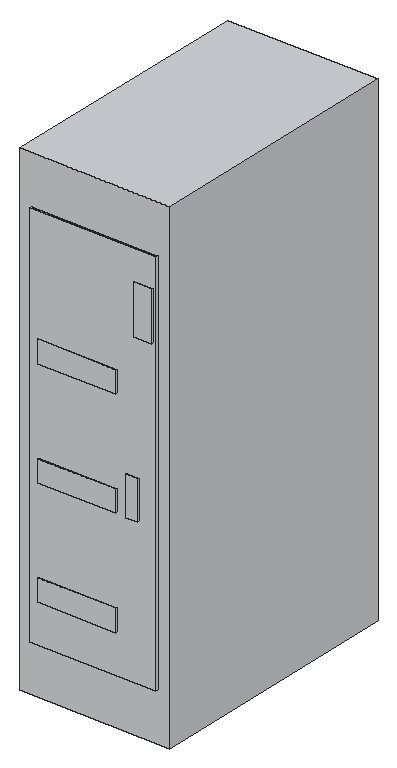
Revit family "GIS_MV_Cubicle", category Equipamento elétrico, Revit 2027
Family settings
  Configuração do painel = Duas colunas, circuitos transversais
  Cota do conector redondo = Utilizar diâmetro
  Tipo de parte = Painel de controle
  Com base no plano de trabalho = Não
  Sempre na vertical = Sim
  Corte com vazios quando carregada = Não
  Manter orientação da anotação = Não
  Compartilhado = Não
  Ponto de cálculo do ambiente = Não
Parameters (values of type "MV_17K5_2KA_STUDY")
  Default Elevation = 0 mm
  built-in parameter 1140142 [instance] = (empty or 0)
  built-in parameter 1140140 [instance] = 1 (stored number, unit not read)
  BIM_TensaoSecundaria_kV = 0
  BIM_TensaoNominal_kV = 13.8
  BIM_TensaoClasse_kV = 17.5
  BIM_TensaoClasseSecundaria_kV = 0
  BIM_Sistema_Elemento [instance] = ""
  BIM_ReferenciaCatalogo = "ABB UniGear ZS1 17.5 kV product-line table: width 800 mm, depth 1390 mm, height 2200/2595 mm depending LV compartment; selected assembly and rating pending"
  BIM_Profundidade = 1390 mm
  BIM_Potencia_MVA = 0
  BIM_Localizacao [instance] = ""
  BIM_Largura = 800 mm
  BIM_Impedancia_pu = 0
  BIM_FonteGeometria = "ABB UniGear ZS1 17.5 kV product-line table: width 800 mm, depth 1390 mm, height 2200/2595 mm depending LV compartment; selected assembly and rating pending"
  BIM_Fabricante = "NAO SELECIONADO"
  BIM_EstadoGeometria = "REFERENCE_DIMENSIONS_APPROXIMATE"
  BIM_EstadoEspecificacao = "PREMISSA / NAO SELECIONADO"
  BIM_DescricaoEstudo = "Envelope externo de referência UniGear ZS1; sem miolo comercial, ratings ou desenho do conjunto pedido."
  BIM_CorrenteReferenciaSecundaria_A = 0
  BIM_CorrenteNominal_A = 2000
  BIM_Bay [instance] = ""
  BIM_AlturaCorpoPrincipal = 2595 mm
  BIM_Altura = 2595 mm
  built-in parameter 1155100 [instance] = (empty or 0)
Reference planes
  plane 1 "Centro (Frente/Trás)": y = 0
  plane 2: z = 0
  plane 3 "Centro (Esquerda/Direita)": x = 0
  plane 4 "BIM Left": x = -400
  plane 5 "BIM Right": x = 400
  plane 6 "BIM Front": y = -695
  plane 7 "BIM Back": y = 695
Forms (mm)
  Extrusion 1, solid
    sketch origin (0, 0, 0) x (1, 0, 0) y (0, 1, 0)
      loop
        line (-400, -695) -> (400, -695) -> (400, 695) -> (-400, 695) -> (-400, -695)
    from 0 to 2595 <- "BIM_AlturaCorpoPrincipal"
  Extrusion 2, solid
    sketch origin (0, 0, 259.5) x (1, 0, 0) y (0, 1, 0)
      loop
        line (-336, -708.716) -> (336, -708.716) -> (336, -695) -> (-336, -695) -> (-336, -708.716)
    from 0 to 2076
  Extrusion 3, solid
    sketch origin (0, 0, 467.1) x (1, 0, 0) y (0, 1, 0)
      loop
        line (-288, -713.288) -> (128, -713.288) -> (128, -695) -> (-288, -695) -> (-288, -713.288)
    from 0 to 116.775
  Extrusion 4, solid
    sketch origin (0, 0, 1038) x (1, 0, 0) y (0, 1, 0)
      loop
        line (-288, -713.288) -> (128, -713.288) -> (128, -695) -> (-288, -695) -> (-288, -713.288)
    from 0 to 116.775
  Extrusion 5, solid
    sketch origin (0, 0, 1608.9) x (1, 0, 0) y (0, 1, 0)
      loop
        line (-288, -713.288) -> (128, -713.288) -> (128, -695) -> (-288, -695) -> (-288, -713.288)
    from 0 to 116.775
  Extrusion 6, solid
    sketch origin (0, 0, 1038) x (1, 0, 0) y (0, 1, 0)
      loop
        line (184, -714.812) -> (248, -714.812) -> (248, -695) -> (184, -695) -> (184, -714.812)
    from 0 to 207.6
  Extrusion 7, solid
    sketch origin (0, 0, 1920.3) x (1, 0, 0) y (0, 1, 0)
      loop
        line (224, -716.336) -> (320, -716.336) -> (320, -695) -> (224, -695) -> (224, -716.336)
    from 0 to 259.5
Dimensions and locks
  "BIM_Largura": plane 4 "BIM Left" to plane 5 "BIM Right"
  "BIM_Profundidade": plane 6 "BIM Front" to plane 7 "BIM Back"
  aligned and locked: level to plane 2
  aligned and locked: plane 4 "BIM Left" to Extrusion 1
  aligned and locked: Extrusion 1 to plane 5 "BIM Right"
  aligned and locked: Extrusion 1 to plane 6 "BIM Front"
  aligned and locked: plane 7 "BIM Back" to Extrusion 1
Automatic sketch dimensions
  Extrusion 1 sketch curve to plane 4 "BIM Left" = 0 mm
  Extrusion 1 sketch curve to plane 5 "BIM Right" = 0 mm
  Extrusion 1 sketch curve to plane 6 "BIM Front" = 0 mm
  Extrusion 1 sketch curve to plane 7 "BIM Back" = 0 mm
  Extrusion 2 sketch curve to plane 6 "BIM Front" = 0 mm
  Extrusion 2 sketch curve to plane 6 "BIM Front" = 13.716 mm
  Extrusion 2 sketch curve to plane 4 "BIM Left" = 64 mm
  plane 5 "BIM Right" to Extrusion 2 sketch curve = 64 mm
  Extrusion 3 sketch curve to plane 6 "BIM Front" = 0 mm
  Extrusion 3 sketch curve to plane 6 "BIM Front" = 18.288 mm
  Extrusion 3 sketch curve to plane 4 "BIM Left" = 112 mm
  plane 3 "Centro (Esquerda/Direita)" to Extrusion 3 sketch curve = 128 mm
  Extrusion 4 sketch curve to plane 6 "BIM Front" = 0 mm
  Extrusion 4 sketch curve to plane 6 "BIM Front" = 18.288 mm
  Extrusion 4 sketch curve to plane 4 "BIM Left" = 112 mm
  plane 3 "Centro (Esquerda/Direita)" to Extrusion 4 sketch curve = 128 mm
  Extrusion 5 sketch curve to plane 6 "BIM Front" = 0 mm
  Extrusion 5 sketch curve to plane 6 "BIM Front" = 18.288 mm
  Extrusion 5 sketch curve to plane 4 "BIM Left" = 112 mm
  plane 3 "Centro (Esquerda/Direita)" to Extrusion 5 sketch curve = 128 mm
  Extrusion 6 sketch curve to plane 6 "BIM Front" = 0 mm
  Extrusion 6 sketch curve to plane 6 "BIM Front" = 19.812 mm
  plane 3 "Centro (Esquerda/Direita)" to Extrusion 6 sketch curve = 184 mm
  Extrusion 6 sketch curve to Extrusion 6 sketch curve = 64 mm
  Extrusion 7 sketch curve to plane 6 "BIM Front" = 0 mm
  Extrusion 7 sketch curve to plane 6 "BIM Front" = 21.336 mm
  plane 5 "BIM Right" to Extrusion 7 sketch curve = 176 mm
  plane 5 "BIM Right" to Extrusion 7 sketch curve = 80 mm
